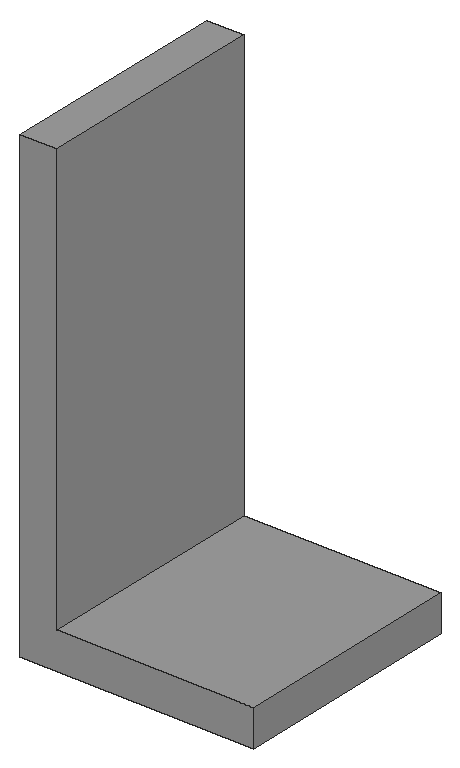
Revit family "L8x4x5-8x 4in L Angle", category Generic Models, Revit 2016
Family settings
  Part Type = Normal
  Can host rebar = No
  Round Connector Dimension = Use Diameter
  Work Plane-Based = No
  Always vertical = Yes
  Cut with Voids When Loaded = No
  Shared = No
  Room Calculation Point = No
Reference planes (in)
  plane 1 "Center (Front/Back)": y = 0
  plane 2: z = 0
  plane 3 "Center (Left/Right)": x = 0
Forms (in)
  Sweep 1, solid, material "Default"
    path in 3D
      loop
        line (4, 0, 0.625) -> (4, 4, 0.625)
    profile origin (4, 2, 0.625) x (-1, 0, 0) y (0, 0, 1)
      loop
        line (4, 7.375) -> (3.375, 7.375) -> (3.375, 0) -> (0, 0) -> (0, -0.625) -> (4, -0.625) -> (4, 7.375)
Lines and regions (in)
  sketch lines
    curve 1: line (4, 0, 0.625) -> (4, 4, 0.625)
Dimensions and locks (in)
  aligned and locked: plane 2 to level
